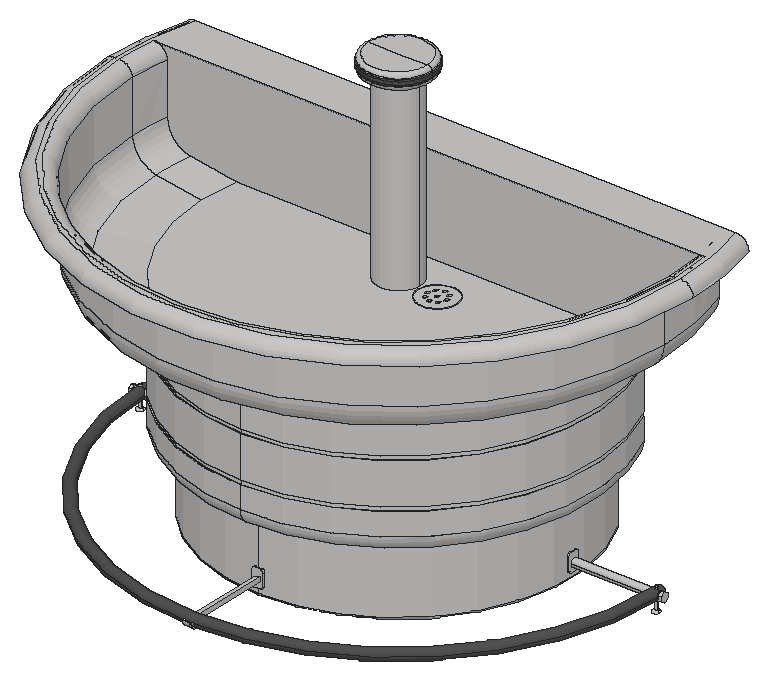
Revit family "Washfountain_Lavatory-Bradley_Corp-WF2704-Type_O_Drain", category Plumbing Fixtures, Revit 2012
Parameters
  Width = 54.000"
  Warranty Information = ""
  WFU = 0
  Voltage = 110 V
  Version = "2.0"
  URL = "http://www.bradleycorp.com/"
  Towel Dispenser Holder [instance] = if((Soap Dispenser), 4.875", 13.375")  # 13.375"
  Towel Dispenser Height [instance] = if((Sensor Module), 54.250", 50.750")  # 50.750"
  TouchTime® Control [instance] = no
  Technical Data = "n/a"
  Vent Height [instance] = if(and(Sensor Module, Soap Dispenser, Towel Dispenser), 70.563", if(and(Sensor Module, Soap Dispenser, No Towel Dispenser), 49.375", if(and(Sensor Module, No Soap Dispenser, No Towel Dispenser), 40.875", if(and(Sensor Module, No Soap Dispenser, Towel Dispenser), 70.563", if(and(No Sensor Module, No Soap Dispenser, No Towel Dispenser), 37.375", if(and(No Sensor Module, No Soap Dispenser, Towel Dispenser), 67.063", if(and(No Sensor Module, Soap Dispenser, No Towel Dispenser), 45.875", 67.063")))))))  # 37.375"
  Spray Head Height = 37.375"
  Specifications URL = "http://www.bradleycorp.com/3partspec"
  Soap Dispenser Holder [instance] = 2.500"  # constant formula
  Soap Dispenser Height [instance] = if((Sensor Module), 49.375", 45.875")  # 45.875"
  Sensor Module Height = 40.875"
  Sensor Module [instance] = not(Foot Control Valve)  # no
  Rim Height = 28.000"
  Product Tech Data URL - Spanish = ""
  Product Tech Data URL - French = ""
  Product Tech Data URL - English = "http://bradleycorp.com/download/2241/2017.pdf"
  Pedestal Material = Metal - Bradley Corp - Stainless Steel - Satin
  Pedestal Height = 19.000"
  Operating Water Pressure Range = "20 - 80 PSI"
  OmniClass Table 23 Title = "Sinks/Lavatories"
  OmniClass Table 23 Number = "23-31 13 00"
  OmniClass Table 21 Title = "Plumbing Fixtures"
  OmniClass Table 21 Number = "21-04 20 10 60"
  No Towel Dispenser [instance] = not(Towel Dispenser)  # yes
  No Soap Dispenser [instance] = not(Soap Dispenser)  # yes
  No Sensor Module [instance] = not(Sensor Module)  # yes
  Modeling Code = ""
  Model = "WF2704"
  Material Note = ""
  MasterFormat Title = "Commercial Lavatories and Sinks"
  MasterFormat Number = "22 42 16"
  Manufacturer = "Bradley Corp"
  Industry Standards = "n/a"
  Hot Lavatory Inlet Radius = Hot Lavatory Inlet / 2  # 1/4"
  Hot Lavatory Inlet = 1/2"
  HWFU = 0
  Frequency = 50 Hz
  Foot Control Valve [instance] = not(or(TouchTime® Control, Air Valve Hand Control, Adaptive Infrared Activation Control))  # yes
  Flow Rate = 3.0 GPM
  Fire Rating = "n/a"
  Drain Secondary Radius = Drain Secondary / 2  # 1"
  Drain Secondary = 2"
  Drain Primary Radius = Drain Primary / 2  # 1"
  Drain Primary = 2"
  Drain Height [instance] = 11.625"
  Description = "Washfountain, 54\" Semi Circular with 9\" Deep Bowl"
  Copyright = "This Model Data is Property of Bradley Corporation"
  Cold Lavatory Inlet Radius = Cold Lavatory Inlet / 2  # 1/4"
  Cold Lavatory Inlet = 1/2"
  CWFU = 0
  Buy American Act = "No"
  Button Visibility [instance] = or(TouchTime® Control, Air Valve Hand Control)  # no
  Bowl Material [instance] = Metal - Bradley Corp - Stainless Steel - Polished
  Assembly Code = "D2010300"
  Air Valve Hand Control [instance] = no
  Adaptive Infrared Activation Control [instance] = no
  ADA Compliant = "Yes"
  Soap Dispenser [instance] = no
  Towel Dispenser [instance] = no
Reference planes (in)
  plane 1 "Center (Front/Back)": y = 0
  plane 2: z = 0
  plane 3 "Center (Left/Right)": x = 0
  plane 4 "Left": x = -27
  plane 5 "Right": x = 27
  plane 6 "Towel Dispenser": z = 50.75
  plane 7 "Soap Dispenser": z = 45.875
  plane 8 "Sensor Module": z = 40.875
  plane 9 "Spray Head": z = 37.375
  plane 10 "Rim Height": z = 28
  plane 11 "Pedestal Height": z = 19
  plane 12: y = -7.6967
  plane 13: z = 39.875
  plane 14 "Front": y = -34.71749
Forms (in)
  Sweep 1, solid, material "Metal - Bradley Corp - Stainless Steel - Polished" <- "Bowl Material", detail levels medium+fine
    path in 3D
      loop
        arc (27, -7.75, 28) -> (0, 19.25, 28) -> (-27, -7.75, 28) r 27
        arc (-27, -7.75, 28) -> (0, -34.75, 28) -> (27, -7.75, 28) r 27
    profile origin (0, -34.75, 28) x (0, 1, 0) y (0, 0, 1)
      loop
        line (25.0533, -8.88) -> (9.04121, -8.88) -> (4.87331, -8.2735)
        arc (4.87331, -8.2735) -> (3.35689, -7.45153) -> (2.7337, -5.84318) r 2.5
        line (2.7337, -5.84318) -> (2.69252, -1.125)
        arc (2.69252, -1.125) -> (2.36302, -0.3295) -> (1.56752, 0.00011) r 1.125
        line (1.56752, 0.00011) -> (1.15752, 0)
        arc (1.15752, 0) -> (0.36203, -0.3295) -> (0.03252, -1.125) r 1.125
        line (0.03252, -1.125) -> (0.15252, -1.125)
        arc (0.15252, -1.125) -> (0.44688, -0.41436) -> (1.15752, -0.11989) r 1.005
        line (1.15752, -0.11989) -> (1.56752, -0.12025)
        arc (1.56752, -0.12025) -> (2.27817, -0.41461) -> (2.57252, -1.12525) r 1.005
        line (2.57252, -1.12525) -> (2.61371, -5.84475)
        arc (2.61371, -5.84475) -> (3.26665, -7.53063) -> (4.85603, -8.39225) r 2.62
        line (4.85603, -8.39225) -> (9.03252, -9) -> (25.0533, -9) -> (25.0533, -8.88)
  Extrusion 2, void
    sketch origin (0, 0, 28) x (-1, 0, 0) y (0, -1, 0)
      loop
        line (27, -20) -> (27, 0) -> (-27, 0) -> (-27, -20) -> (27, -20)
    from -28 to 9.375
  Sweep 3, solid, material "Metal - Bradley Corp - Stainless Steel - Polished" <- "Bowl Material", detail levels coarse
    path in 3D
      loop
        arc (27, -7.75, 28) -> (0, 19.25, 28) -> (-27, -7.75, 28) r 27
        arc (-27, -7.75, 28) -> (0, -34.75, 28) -> (27, -7.75, 28) r 27
    profile origin (0, -34.75, 28) x (0, 1, 0) y (0, 0, 1)
      loop
        line (0.03243, 0) -> (0.03243, -1.12495) -> (0.15256, -1.12495) -> (0.15256, -0.12) -> (2.57762, -0.12) -> (2.57762, -9) -> (25.0533, -9) -> (25.0533, -8.88) -> (2.69762, -8.88) -> (2.69762, 0) -> (0.03243, 0)
  Revolve 4, solid, material "Metal - Bradley Corp - Stainless Steel - Satin" <- "Pedestal Material", detail levels medium+fine
    sketch origin (0, 0, 0) x (0, 1, 0) y (0, 0, 1)
      loop
        line (-25.69045, 10.34788) -> (-25.61122, 10.34788) -> (-25.61122, 9.97288) -> (-25.69045, 9.97288) -> (-25.69045, 7.88979)
        arc (-25.69045, 7.88979) -> (-25.24205, 6.80727) -> (-24.15954, 6.35887) r 1.53091
        line (-24.15954, 6.35887) -> (-7.6967, 6.35887) -> (-7.6967, 19) -> (-25.69045, 19) -> (-25.69045, 14.53538) -> (-25.60652, 14.53538) -> (-25.60652, 14.16038) -> (-25.69045, 14.16038) -> (-25.69045, 10.34788)
      axis (-7.6967, 19) -> (-7.6967, 6.35887)
    angle from 0 to 360
  Revolve 5, solid, material "Metal - Bradley Corp - Stainless Steel - Satin" <- "Pedestal Material", detail levels coarse
    sketch origin (0, 0, 0) x (0, 1, 0) y (0, 0, 1)
      loop
        line (-25.69045, 19) -> (-25.69045, 6.35887) -> (-7.6967, 6.35887) -> (-7.6967, 19) -> (-25.69045, 19)
      axis (-7.6967, 19) -> (-7.6967, 6.35887)
    angle from 0 to 360
  Revolve 6, solid, material "Metal - Bradley Corp - Stainless Steel - Satin"
    sketch origin (0, 0, 0) x (0, 1, 0) y (0, 0, 1)
      loop
        arc (-23.6285, 0.1416) -> (-23.58703, 0.04147) -> (-23.4869, 0) r 0.1416
        line (-23.4869, 0) -> (-7.6967, 0) -> (-7.6967, 6.35887) -> (-23.41449, 6.35887) -> (-23.41449, 6.04595) -> (-23.6285, 6.04595) -> (-23.6285, 0.1416)
      axis (-7.6967, 6.35887) -> (-7.6967, 0)
    angle from 0 to 360
  Revolve 7, solid, material "Metal - Bradley Corp - Stainless Steel - Satin", detail levels medium+fine
    sketch origin (-3, -7.6967, 37.375) x (1, 0, 0) y (0, 0, 1)
      loop
        arc (0.31013, 0) -> (0.06618, -0.10105) -> (-0.03487, -0.345) r 0.345
        line (-0.03487, -0.345) -> (-0.03487, -0.44471)
        arc (-0.03487, -0.44471) -> (-0.09873, -0.47343) -> (-0.12487, -0.53838) r 0.09375
        line (-0.12487, -0.53838) -> (-0.12487, -0.85088)
        arc (-0.12487, -0.85088) -> (-0.09873, -0.91583) -> (-0.03487, -0.94456) r 0.09375
        line (-0.03487, -0.94456) -> (-0.03487, -1.04463)
        arc (-0.03487, -1.04463) -> (0.06618, -1.28859) -> (0.31013, -1.38963) r 0.345
        line (0.31013, -1.38963) -> (1.00013, -1.38963) -> (1.00013, -18.375) -> (3, -18.375) -> (3, 0) -> (0.31013, 0)
      axis (3, 0) -> (3, -18.375)
    angle from 0 to 360
  Revolve 8, solid, material "Metal - Bradley Corp - Stainless Steel - Satin", detail levels coarse
    sketch origin (-3, -7.6967, 37.375) x (1, 0, 0) y (0, 0, 1)
      loop
        line (-0.12487, -0.44471) -> (-0.12487, -0.94456) -> (0.31085, -1.38963) -> (1.00013, -1.38963) -> (1.00013, -18.375) -> (3, -18.375) -> (3, 0.00012) -> (0.31013, 0.00012) -> (-0.12487, -0.44471)
      axis (3, 0.00012) -> (3, -18.375)
    angle from 0 to 360
  Revolve 9, solid, material "Metal - Bradley Corp - Stainless Steel - Satin", visible <- "Sensor Module", detail levels fine
    sketch origin (-3, -7.6967, 40.875) x (1, 0, 0) y (0, 0, 1)
      loop
        arc (-1.45317, -0.20636) -> (-1.54025, -0.24993) -> (-1.57537, -0.34075) r 0.135
        line (-1.57537, -0.34075) -> (-1.57537, -0.56538) -> (-1.49987, -0.56538) -> (-1.49987, -1.98683)
        arc (-1.49987, -1.98683) -> (-1.48077, -2.08267) -> (-1.42639, -2.16387) r 0.25
        line (-1.42639, -2.16387) -> (-0.82283, -2.76742)
        arc (-0.82283, -2.76742) -> (-0.74182, -2.82142) -> (-0.64632, -2.84038) r 0.25
        line (-0.64632, -2.84038) -> (1.00013, -2.84038) -> (1.00013, -3.5) -> (3, -3.5) -> (3, 0) -> (0.90513, 0) -> (-1.45612, -0.2063)
      axis (3, 0) -> (3, -3.5)
    angle from 0 to 360
  Revolve 10, solid, material "Metal - Bradley Corp - Stainless Steel - Satin", visible <- "Sensor Module", detail levels coarse+medium
    sketch origin (-3, -7.6967, 40.875) x (1, 0, 0) y (0, 0, 1)
      loop
        line (-1.57537, -2.01488) -> (-0.74987, -2.84038) -> (1.00013, -2.84038) -> (1.00013, -3.5) -> (3, -3.5) -> (3, 0) -> (-1.57537, 0) -> (-1.57537, -2.01488)
      axis (3, 0) -> (3, -3.5)
    angle from 0 to 360
  Revolve 11, solid, material "Metal - Bradley Corp - Stainless Steel - Satin", visible <- "Soap Dispenser", detail levels fine
    sketch origin (-3, -7.6967, 45.875) x (1, 0, 0) y (0, 0, 1)
      loop
        line (-3.01408, -1.64235) -> (-2.98301, -1.64235) -> (-2.98301, -2.89235) -> (-2.93039, -2.89235) -> (-2.93039, -4.14235) -> (-2.87777, -4.14235) -> (-2.87777, -5.39235) -> (-2.81, -5.39235) -> (-2.81, -6) -> (3, -6) -> (3, 0) -> (-1.15684, 0)
        arc (-1.15684, 0) -> (-2.16098, -0.12055) -> (-3.13971, -0.37529) r 7.48917
        line (-3.13971, -0.37529) -> (-3.13971, -1.00047) -> (-3.01408, -1.00047) -> (-3.01408, -1.64235)
      axis (3, 0) -> (3, -6)
    angle from 360 to 180
  Revolve 12, solid, material "Metal - Bradley Corp - Stainless Steel - Satin", visible <- "Soap Dispenser", detail levels coarse+medium
    sketch origin (-3, -7.6967, 45.875) x (1, 0, 0) y (0, 0, 1)
      loop
        line (-3.13971, -1.00047) -> (-2.81, -6) -> (3, -6) -> (3, -1.00047) -> (-3.13971, -1.00047)
      axis (3, -1.00047) -> (3, -6)
    angle from 360 to 180
  Extrusion 13, solid, material "Metal - Bradley Corp - Stainless Steel - Satin", visible <- "Soap Dispenser", detail levels fine
    sketch origin (-3, -7.6967, 45.875) x (1, 0, 0) y (0, 0, 1)
      loop
        line (-3.01408, -1.64235) -> (-2.98301, -1.64235) -> (-2.98301, -2.89235) -> (-2.93039, -2.89235) -> (-2.93039, -4.14235) -> (-2.87777, -4.14235) -> (-2.87777, -5.39235) -> (-2.81, -5.39235) -> (-2.81, -6) -> (8.81, -6) -> (8.81, -5.39235) -> (8.87777, -5.39235) -> (8.87777, -4.14235) -> (8.93039, -4.14235) -> (8.93039, -2.89235) -> (8.98301, -2.89235) -> (8.98301, -1.64235) -> (9.01408, -1.64235) -> (9.01408, -1.00047) -> (9.13971, -1.00047) -> (9.13971, -0.37529)
        arc (9.13971, -0.37529) -> (8.16098, -0.12055) -> (7.15684, 0) r 7.48917
        line (7.15684, 0) -> (-1.15684, 0)
        arc (-1.15684, 0) -> (-2.16098, -0.12055) -> (-3.13971, -0.37529) r 7.48917
        line (-3.13971, -0.37529) -> (-3.13971, -1.00047) -> (-3.01408, -1.00047) -> (-3.01408, -1.64235)
    from 0 to -2.25
  Extrusion 14, solid, material "Metal - Bradley Corp - Stainless Steel - Satin", visible <- "Soap Dispenser", detail levels coarse+medium
    sketch origin (-3, -7.6967, 45.875) x (1, 0, 0) y (0, 0, 1)
      loop
        line (-3.13971, -1.00047) -> (-2.81, -6) -> (8.81, -6) -> (9.13971, -1.00047) -> (-3.13971, -1.00047)
    from 0 to -2.25
  Extrusion 15, solid, material "Metal - Bradley Corp - Stainless Steel - Satin", visible <- "Towel Dispenser"
    sketch origin (0, 0, 50.75) x (-1, 0, 0) y (0, -1, 0)
      loop
        line (0.06458, 14.08484) -> (-0.06458, 14.08484) -> (-5.56458, 4.55856) -> (-5.5, 4.4467) -> (5.5, 4.4467) -> (5.56458, 4.55856) -> (0.06458, 14.08484)
      loop
        circle (0, 7.6967) r 2
    from 14.62567 to 14.12567
  Extrusion 16, solid, material "Metal - Bradley Corp - Stainless Steel - Satin", visible <- "Towel Dispenser"
    sketch origin (-0.06458, -14.08484, 50.75) x (0, 0, 1) y (-0.866025, -0.5, 0)
      loop
        line (0, 0) -> (15.313, 0) -> (14.62567, 4) -> (1.37502, 4) -> (0, 1.75) -> (0, 0)
    from 0 to -11
  Extrusion 17, solid, material "Metal - Bradley Corp - Stainless Steel - Satin", visible <- "Towel Dispenser"
    sketch origin (5.56458, -4.55856, 50.75) x (0, 0, 1) y (0.866025, -0.5, 0)
      loop
        line (0, 0) -> (15.313, 0) -> (14.62567, 4) -> (1.37502, 4) -> (0, 1.75) -> (0, 0)
    from 0 to -11
  Extrusion 18, solid, material "Metal - Bradley Corp - Stainless Steel - Satin", visible <- "Towel Dispenser"
    sketch origin (0, 0, 50.75) x (-1, 0, 0) y (0, -1, 0)
      loop
        line (0.06458, 14.08484) -> (-0.06458, 14.08484) -> (-5.56458, 4.55856) -> (-5.5, 4.4467) -> (5.5, 4.4467) -> (5.56458, 4.55856) -> (0.06458, 14.08484)
      loop
        circle (0, 7.6967) r 2
    from 1.0786 to 1.5786
  Extrusion 19, solid, material "Metal - Bradley Corp - Stainless Steel - Satin", visible <- "Towel Dispenser"
    sketch origin (0, 0, 50.75) x (-1, 0, 0) y (0, -1, 0)
      loop
        circle (0, 7.6967) r 2
    from -13.375 to 16.313
  Extrusion 20, solid, material "Metal - Bradley Corp - Stainless Steel - Satin", visible <- "Soap Dispenser"
    sketch origin (0, 0, 45.875) x (-1, 0, 0) y (0, -1, 0)
      loop
        circle (0, 7.6967) r 2
    from -6 to -8.5
  Extrusion 21, solid, material "Metal - Bradley Corp - Stainless Steel - Polished", detail levels medium+fine
    sketch origin (0, -0.5533, 28) x (-1, 0, 0) y (0, -1, 0)
      loop
        circle (-4, 7.6967) r 1.75
      loop
        circle (-4, 7.6967) r 0.1842
      loop
        circle (-4, 6.81899) r 0.1842
      loop
        circle (-3.12229, 7.6967) r 0.1842
      loop
        circle (-4, 8.57441) r 0.1842
      loop
        circle (-4.87771, 7.6967) r 0.1842
      loop
        circle (-4.62063, 7.07606) r 0.1842
      loop
        circle (-3.37937, 7.07606) r 0.1842
      loop
        circle (-3.37937, 8.31733) r 0.1842
      loop
        circle (-4.62063, 8.31733) r 0.1842
    from -8.94796 to -8.88
  Extrusion 22, void
    sketch origin (0, -0.5533, 28) x (-1, 0, 0) y (0, -1, 0)
      loop
        circle (-4, 7.6967) r 1.75
    from -9 to -5.94946
  Sweep 23, solid, material "Plastic - Bradley Corp - Black", visible <- "Foot Control Valve"
    path in 3D
      loop
        line (24.00846, -7.1967, 0) -> (24.00846, -7.6967, 0)
        arc (24.00846, -7.6967, 0) -> (0, -31.70516, 0) -> (-24.00846, -7.6967, 0) r 24.00846
        line (-24.00846, -7.6967, 0) -> (-24.00846, -7.1967, 0)
    profile origin (-24.00846, -7.4467, 0) x (-1, 0, 0) y (0, 0, 1)
      loop
        circle (-0.5, 1.42499) r 0.49941
  Extrusion 24, solid, material "Metal - Bradley Corp - Stainless Steel - Satin", visible <- "Foot Control Valve", detail levels medium+fine
    sketch origin (0, 0, 0) x (0, 1, 0) y (0, 0, 1)
      loop
        line (-7.37851, 1.63949) -> (-7.75001, 1.85397) -> (-8.12151, 1.63949) -> (-8.12151, 1.21051) -> (-7.75001, 0.99603) -> (-7.37851, 1.21051) -> (-7.37851, 1.63949)
    from -24.32813 to -24.01563
  Extrusion 25, solid, material "Metal - Bradley Corp - Stainless Steel - Satin", visible <- "Foot Control Valve", detail levels medium+fine
    sketch origin (0, 0, 0) x (0, 1, 0) y (0, 0, 1)
      loop
        line (-7.75001, 1.85397) -> (-8.12151, 1.63948) -> (-8.12151, 1.21051) -> (-7.75001, 0.99603) -> (-7.37851, 1.21051) -> (-7.37851, 1.63949) -> (-7.75001, 1.85397)
    from 24.37923 to 24.04349
  Extrusion 26, solid, material "Metal - Bradley Corp - Stainless Steel - Satin", visible <- "Foot Control Valve", detail levels fine
    sketch origin (0, 0, 0) x (1, 0, 0) y (0, 1, 0)
      loop
        circle (-23.57813, -7.6967) r 0.12
      loop
        circle (23.57813, -7.6967) r 0.12
    from 0.1445 to 1.99999
  Blend 27, solid, material "Metal - Bradley Corp - Stainless Steel - Satin", visible <- "Foot Control Valve", detail levels fine
    base sketch origin (0, 0, 0) x (1, 0, 0) y (0, 1, 0)
      loop
        circle (-23.57813, -7.6967) r 0.12
    top sketch origin (0, 0, 0) x (1, 0, 0) y (0, 1, 0)
      loop
        circle (-23.57813, -7.6967) r 0.327
    from 0.1445 to 0
  Blend 28, solid, material "Metal - Bradley Corp - Stainless Steel - Satin", visible <- "Foot Control Valve", detail levels fine
    base sketch origin (0, 0, 0) x (1, 0, 0) y (0, 1, 0)
      loop
        circle (23.57813, -7.6967) r 0.12
    top sketch origin (0, 0, 0) x (1, 0, 0) y (0, 1, 0)
      loop
        circle (23.57813, -7.6967) r 0.327
    from 0.1445 to 0
  Extrusion 29, solid, material "Metal - Bradley Corp - Stainless Steel - Satin", visible <- "Foot Control Valve"
    sketch origin (0, 0, 0) x (0, 1, 0) y (0, 0, 1)
      loop
        line (-7.25001, 0.921) -> (-7.25001, 2.046)
        arc (-7.25001, 2.046) -> (-7.32323, 2.22278) -> (-7.50001, 2.296) r 0.25
        line (-7.50001, 2.296) -> (-8.00001, 2.296)
        arc (-8.00001, 2.296) -> (-8.17679, 2.22278) -> (-8.25001, 2.046) r 0.25
        line (-8.25001, 2.046) -> (-8.25001, 0.921)
        arc (-8.25001, 0.921) -> (-8.17679, 0.74422) -> (-8.00001, 0.671) r 0.25
        line (-8.00001, 0.671) -> (-7.50001, 0.671)
        arc (-7.50001, 0.671) -> (-7.32323, 0.74422) -> (-7.25001, 0.921) r 0.25
    from -16.06305 to -15.93805
  Extrusion 30, solid, material "Metal - Bradley Corp - Stainless Steel - Satin", visible <- "Foot Control Valve"
    sketch origin (0, 0, 0) x (0, 1, 0) y (0, 0, 1)
      loop
        line (-7.50001, 2.296) -> (-8.00001, 2.296)
        arc (-8.00001, 2.296) -> (-8.17679, 2.22278) -> (-8.25001, 2.046) r 0.25
        line (-8.25001, 2.046) -> (-8.25001, 0.921)
        arc (-8.25001, 0.921) -> (-8.17679, 0.74422) -> (-8.00001, 0.671) r 0.25
        line (-8.00001, 0.671) -> (-7.50001, 0.671)
        arc (-7.50001, 0.671) -> (-7.32323, 0.74422) -> (-7.25001, 0.921) r 0.25
        line (-7.25001, 0.921) -> (-7.25001, 2.046)
        arc (-7.25001, 2.046) -> (-7.32323, 2.22278) -> (-7.50001, 2.296) r 0.25
    from 15.93601 to 16.06263
  Extrusion 31, solid, material "Metal - Bradley Corp - Stainless Steel - Satin", visible <- "Foot Control Valve", detail levels fine
    sketch origin (0, 0, 0) x (0, 1, 0) y (0, 0, 1)
      loop
        arc (-31.70479, 1.42499) -> (-31.75479, 1.47499) -> (-31.80479, 1.42499) r 0.05
        arc (-31.80479, 1.42499) -> (-31.10392, 0.83423) -> (-30.64032, 1.62499) r 0.59941
        line (-30.64032, 1.62499) -> (-30.74777, 1.62499)
        arc (-30.74777, 1.62499) -> (-31.10322, 0.93614) -> (-31.70479, 1.42499) r 0.49941
    from -0.40046 to 0.4
  Extrusion 32, solid, material "Metal - Bradley Corp - Stainless Steel - Satin", visible <- "Foot Control Valve", detail levels fine
    sketch origin (0, 0, 0) x (0, 1, 0) y (0, 0, 1)
      loop
        arc (-30.64032, 1.62499) -> (-30.60597, 1.42499) -> (-30.64032, 1.22499) r 0.59941
        line (-30.64032, 1.22499) -> (-23.7663, 1.22499) -> (-23.7663, 1.62499) -> (-30.64032, 1.62499)
    from -0.2 to 0.2
  Extrusion 33, solid, material "Default", not visible, detail levels fine
    sketch origin (0, 0, 0) x (1, 0, 0) y (0, 1, 0)
      loop
        circle (4, -8.25) r 1
    from 0 to 3
  Extrusion 34, solid, material "Default", not visible, detail levels fine
    sketch origin (0, 0, 0) x (1, 0, 0) y (0, 1, 0)
      loop
        circle (-0.875, -7) r 0.25
      loop
        circle (0.875, -7) r 0.25
    from 0 to 37.375
  Extrusion 35, solid, material "Default", not visible, detail levels fine
    sketch origin (-3, -7.6967, 45.875) x (1, 0, 0) y (0, 0, 1)
      loop
        line (-0.5, -35.232) -> (-1.5, -35.232) -> (-1.5, -37.232) -> (-0.5, -37.232) -> (-0.5, -35.232)
    from -7.6967 to -5.1967
  Extrusion 36, solid, material "Metal - Bradley Corp - Stainless Steel - Satin", visible <- "Foot Control Valve"
    sketch origin (0, 0, 0) x (0, 1, 0) y (0, 0, 1)
      loop
        circle (-7.75001, 1.425) r 0.36122
    from -24.01563 to -16.06305
  Extrusion 37, solid, material "Metal - Bradley Corp - Stainless Steel - Satin", visible <- "Foot Control Valve"
    sketch origin (0, 0, 0) x (0, 1, 0) y (0, 0, 1)
      loop
        circle (-7.75001, 1.42499) r 0.36122
    from 16.06263 to 24.04349
  Extrusion 38, solid, material "Metal - Bradley Corp - Stainless Steel - Satin", visible <- "Foot Control Valve", detail levels fine
    sketch origin (0, 0, 0) x (1, 0, 0) y (0, 0, 1)
      loop
        line (-0.25, 0.671) -> (0.25, 0.671)
        arc (0.25, 0.671) -> (0.42678, 0.74422) -> (0.5, 0.921) r 0.25
        line (0.5, 0.921) -> (0.5, 2.046)
        arc (0.5, 2.046) -> (0.42678, 2.22278) -> (0.25, 2.296) r 0.25
        line (0.25, 2.296) -> (-0.25, 2.296)
        arc (-0.25, 2.296) -> (-0.42678, 2.22278) -> (-0.5, 2.046) r 0.25
        line (-0.5, 2.046) -> (-0.5, 0.921)
        arc (-0.5, 0.921) -> (-0.42678, 0.74422) -> (-0.25, 0.671) r 0.25
    from 23.6285 to 23.7663
  Revolve 39, solid, material "Plastic - Bradley Corp - Black", visible <- "Soap Dispenser", detail levels coarse+medium
    sketch origin (-3, -7.6967, 45.875) x (1, 0, 0) y (0, 0, 1)
      loop
        line (-3.20569, 0) -> (-3.13971, -1.00047) -> (3, -1.00047) -> (3, 0) -> (-3.20569, 0)
      axis (3, 0) -> (3, -1.00047)
    angle from 180 to 360
  Extrusion 40, solid, material "Plastic - Bradley Corp - Black", visible <- "Soap Dispenser", detail levels coarse+medium
    sketch origin (-3, -7.6967, 45.875) x (1, 0, 0) y (0, 0, 1)
      loop
        line (-3.20569, 0) -> (-3.13971, -1.00047) -> (9.13971, -1.00047) -> (9.20569, 0) -> (-3.20569, 0)
    from 0 to -2.25
  Extrusion 41, solid, material "Metal - Bradley Corp - Stainless Steel - Polished", visible <- "Button Visibility"
    sketch origin (-3, -7.6967, 40.875) x (1, 0, 0) y (0, 0, 1)
      loop
        circle (3, -1.29013) r 0.5
    from 4.57537 to 4.9755
  Extrusion 42, solid, material "Metal - Bradley Corp - Stainless Steel - Polished", visible <- "Button Visibility", detail levels fine
    sketch origin (-3, -7.6967, 40.875) x (1, 0, 0) y (0, 0, 1)
      loop
        circle (3, -1.29013) r 0.25
    from 4.5 to 4.57537
  Extrusion 43, solid, material "Metal - Bradley Corp - Stainless Steel - Polished" <- "Bowl Material", detail levels coarse
    sketch origin (0, 0, 28) x (-1, 0, 0) y (0, -1, 0)
      loop
        line (24.02952, 4.1185) -> (-24.02952, 4.1185)
        arc (-24.02952, 4.1185) -> (-23.62146, 2.0375) -> (-23.03353, 0) r 24.30238
        line (-23.03353, 0) -> (23.03353, 0)
        arc (23.03353, 0) -> (23.62146, 2.0375) -> (24.02952, 4.1185) r 24.30238
    from -8.88 to 0
  Extrusion 44, solid, material "Metal - Bradley Corp - Stainless Steel - Polished" <- "Bowl Material", detail levels medium+fine
    sketch origin (0, 0, 28) x (-1, 0, 0) y (0, -1, 0)
      loop
        arc (24.41547, 0) -> (25.00013, 2.03749) -> (25.40596, 4.118) r 24.42748
        line (25.40596, 4.118) -> (-25.44441, 4.118)
        arc (-25.44441, 4.118) -> (-25.03859, 2.03749) -> (-24.45393, 0) r 24.42748
        line (-24.45393, 0) -> (24.41547, 0)
    from -8.88 to 0
  Sweep 45, void
    path in 3D
      loop
        arc (27, -7.75, 28) -> (0, 19.25, 28) -> (-27, -7.75, 28) r 27
        arc (-27, -7.75, 28) -> (0, -34.75, 28) -> (27, -7.75, 28) r 27
    profile origin (0, -34.75, 28) x (0, 1, 0) y (0, 0, 1)
      loop
        line (9.05955, -9) -> (9.05955, -8.9433) -> (4.86467, -8.33287)
        arc (4.86467, -8.33287) -> (3.31177, -7.49108) -> (2.6737, -5.84397) r 2.56
        line (2.6737, -5.84397) -> (2.63252, -1.12499)
        arc (2.63252, -1.12499) -> (2.3205, -0.37209) -> (1.56752, -0.05989) r 1.065
        line (1.56752, -0.05989) -> (1.15752, -0.06)
        arc (1.15752, -0.06) -> (0.40445, -0.37193) -> (0.09252, -1.125) r 1.065
        line (0.09252, -1.125) -> (0, -1.125) -> (0, -9) -> (9.05955, -9)
  Extrusion 46, solid, material "Default", not visible, detail levels medium+fine
    sketch origin (0, 0, 0) x (1, 0, 0) y (0, 0, 1)
      loop
        circle (4, 11.625) r 1
    from 0 to 2.99973
Cuts and joins
  Extrusion 2, Extrusion 22 cuts Sweep 1
  Sweep 45 cuts Extrusion 44
  joined: Sweep 1, Extrusion 44
  Extrusion 2, Extrusion 22 cuts Sweep 3
  joined: Sweep 3, Extrusion 43
  Extrusion 2 cuts Revolve 4
  Extrusion 2 cuts Revolve 5
  Extrusion 2 cuts Revolve 6
  joined: Revolve 11, Extrusion 13
  joined: Revolve 12, Extrusion 14
  joined: Extrusion 36, Extrusion 37
  joined: Revolve 39, Extrusion 40
Lines and regions (in)
  Masking region 1, detail levels medium+fine
    outline origin (-3, -7.6967, 37.375) x (1, 0, 0) y (0, 0, 1)
      loop
        arc (0.31013, 0) -> (0.06618, -0.10105) -> (-0.03487, -0.345) r 0.345
        line (-0.03487, -0.345) -> (-0.03487, -0.44471)
        arc (-0.03487, -0.44471) -> (-0.09873, -0.47343) -> (-0.12487, -0.53838) r 0.09375
        line (-0.12487, -0.53838) -> (-0.12487, -0.85088)
        arc (-0.12487, -0.85088) -> (-0.09873, -0.91583) -> (-0.03487, -0.94456) r 0.09375
        line (-0.03487, -0.94456) -> (-0.03487, -1.04463)
        arc (-0.03487, -1.04463) -> (0.06618, -1.28859) -> (0.31013, -1.38963) r 0.345
        line (0.31013, -1.38963) -> (1.00013, -1.38963) -> (1.00013, -9.375) -> (5.00013, -9.375) -> (5.00013, -1.38963) -> (5.68987, -1.38963)
        arc (5.68987, -1.38963) -> (5.93382, -1.28859) -> (6.03487, -1.04463) r 0.345
        line (6.03487, -1.04463) -> (6.03487, -0.94456)
        arc (6.03487, -0.94456) -> (6.09873, -0.91583) -> (6.12487, -0.85088) r 0.09375
        line (6.12487, -0.85088) -> (6.12487, -0.53838)
        arc (6.12487, -0.53838) -> (6.09873, -0.47343) -> (6.03487, -0.44471) r 0.09375
        line (6.03487, -0.44471) -> (6.03487, -0.34463)
        arc (6.03487, -0.34463) -> (5.93382, -0.10105) -> (5.68987, 0) r 0.345
        line (5.68987, 0) -> (0.31013, 0)
  Masking region 2, detail levels coarse
    outline origin (-3, -7.6967, 37.375) x (1, 0, 0) y (0, 0, 1)
      loop
        line (-0.12487, -0.44471) -> (-0.12487, -0.94456) -> (0.31085, -1.38963) -> (1.00013, -1.38963) -> (1.00013, -9.375) -> (5.00013, -9.375) -> (5.00013, -1.38963) -> (5.68915, -1.38963) -> (6.12487, -0.94456) -> (6.12487, -0.44471) -> (5.68999, 0) -> (0.31001, 0) -> (-0.12487, -0.44471)
  Masking region 3, visible <- "Sensor Module", detail levels coarse+medium
    outline origin (-3, -7.6967, 40.875) x (1, 0, 0) y (0, 0, 1)
      loop
        line (-1.57537, 0) -> (-1.57537, -2.01488) -> (-0.74987, -2.84038) -> (1.00013, -2.84038) -> (1.00013, -3.5) -> (4.99987, -3.5) -> (4.99987, -2.84038) -> (6.74987, -2.84038) -> (7.57537, -2.01488) -> (7.57537, 0) -> (-1.57537, 0)
  Masking region 4, visible <- "Sensor Module", detail levels fine
    outline origin (-3, -7.6967, 40.875) x (1, 0, 0) y (0, 0, 1)
      loop
        arc (-1.45317, -0.20636) -> (-1.54025, -0.24993) -> (-1.57537, -0.34075) r 0.135
        line (-1.57537, -0.34075) -> (-1.57537, -0.56538) -> (-1.49987, -0.56538) -> (-1.49987, -1.98683)
        arc (-1.49987, -1.98683) -> (-1.48077, -2.08267) -> (-1.42639, -2.16387) r 0.25
        line (-1.42639, -2.16387) -> (-0.82283, -2.76742)
        arc (-0.82283, -2.76742) -> (-0.74182, -2.82142) -> (-0.64632, -2.84038) r 0.25
        line (-0.64632, -2.84038) -> (1.00013, -2.84038) -> (1.00013, -3.5) -> (4.99987, -3.5) -> (4.99987, -2.84038) -> (6.64632, -2.84038)
        arc (6.64632, -2.84038) -> (6.74182, -2.82142) -> (6.82283, -2.76742) r 0.25
        line (6.82283, -2.76742) -> (7.42639, -2.16387)
        arc (7.42639, -2.16387) -> (7.48077, -2.08267) -> (7.49987, -1.98683) r 0.25
        line (7.49987, -1.98683) -> (7.49987, -0.56538) -> (7.57537, -0.56538) -> (7.57537, -0.34075)
        arc (7.57537, -0.34075) -> (7.54025, -0.24993) -> (7.45317, -0.20636) r 0.135
      loop
        line (7.45612, -0.2063) -> (5.09487, 0) -> (0.90513, 0) -> (-1.45612, -0.2063)
  Masking region 5, visible <- "Soap Dispenser", detail levels coarse+medium
    outline origin (-3, -7.6967, 45.875) x (1, 0, 0) y (0, 0, 1)
      loop
        line (-3.20569, 0) -> (-2.81, -6) -> (8.81, -6) -> (9.20569, 0) -> (-3.20569, 0)
  Masking region 6, visible <- "Soap Dispenser", detail levels fine
    outline origin (-3, -7.6967, 45.875) x (1, 0, 0) y (0, 0, 1)
      loop
        line (-3.01408, -1.64235) -> (-2.98301, -1.64235) -> (-2.98301, -2.89235) -> (-2.93039, -2.89235) -> (-2.93039, -4.14235) -> (-2.87777, -4.14235) -> (-2.87777, -5.39235) -> (-2.81, -5.39235) -> (-2.81, -6) -> (8.81, -6) -> (8.81, -5.39235) -> (8.87777, -5.39235) -> (8.87777, -4.14235) -> (8.93039, -4.14235) -> (8.93039, -2.89235) -> (8.98301, -2.89235) -> (8.98301, -1.64235) -> (9.01408, -1.64235) -> (9.01408, -1.00047) -> (9.13971, -1.00047) -> (9.13971, -0.37529)
        arc (9.13971, -0.37529) -> (8.16098, -0.12055) -> (7.15684, 0) r 7.48917
        line (7.15684, 0) -> (-1.15684, 0)
        arc (-1.15684, 0) -> (-2.16098, -0.12055) -> (-3.13971, -0.37529) r 7.48917
        line (-3.13971, -0.37529) -> (-3.13971, -1.00047) -> (-3.01408, -1.00047) -> (-3.01408, -1.64235)
  Masking region 7, visible <- "Soap Dispenser", detail levels fine
    outline origin (0, -4.6967, 45.875) x (0, -1, 0) y (0, 0, 1)
      loop
        line (9.01313, -1.64235) -> (9.01313, -1.00047) -> (9.13876, -1.00047) -> (9.13876, -0.37529)
        arc (9.13876, -0.37529) -> (8.16002, -0.12055) -> (7.15589, 0) r 7.48917
        line (7.15589, 0) -> (0.75, 0) -> (0.75, -6) -> (8.80905, -6) -> (8.80905, -5.39235) -> (8.87682, -5.39235) -> (8.87682, -4.14235) -> (8.92944, -4.14235) -> (8.92944, -2.89235) -> (8.98206, -2.89235) -> (8.98206, -1.64235) -> (9.01313, -1.64235)
  Masking region 8, visible <- "Soap Dispenser", detail levels coarse+medium
    outline origin (0, -4.6967, 45.875) x (0, -1, 0) y (0, 0, 1)
      loop
        line (0.75, 0) -> (0.75, -6) -> (8.80905, -6) -> (9.20569, 0) -> (0.75, 0)
  Masking region 9, visible <- "Sensor Module", detail levels coarse+medium
    outline origin (0, -4.6967, 40.875) x (0, -1, 0) y (0, 0, 1)
      loop
        line (-1.57537, 0) -> (-1.57537, -2.01488) -> (-0.74987, -2.84038) -> (1, -2.84038) -> (1, -3.5) -> (4.99987, -3.5) -> (4.99987, -2.84038) -> (6.74987, -2.84038) -> (7.57537, -2.01488) -> (7.57537, 0) -> (-1.57537, 0)
  Masking region 10, visible <- "Sensor Module", detail levels fine
    outline origin (0, -4.6967, 40.875) x (0, -1, 0) y (0, 0, 1)
      loop
        arc (-1.4533, -0.20636) -> (-1.54038, -0.24993) -> (-1.5755, -0.34075) r 0.135
        line (-1.5755, -0.34075) -> (-1.5755, -0.56538) -> (-1.5, -0.56538) -> (-1.5, -1.98683)
        arc (-1.5, -1.98683) -> (-1.4809, -2.08267) -> (-1.42651, -2.16387) r 0.25
        line (-1.42651, -2.16387) -> (-0.82296, -2.76742)
        arc (-0.82296, -2.76742) -> (-0.74195, -2.82142) -> (-0.64645, -2.84038) r 0.25
        line (-0.64645, -2.84038) -> (1, -2.84038) -> (1, -3.5) -> (4.99987, -3.5) -> (4.99987, -2.84038) -> (6.64645, -2.84038)
        arc (6.64645, -2.84038) -> (6.74195, -2.82142) -> (6.82296, -2.76742) r 0.25
        line (6.82296, -2.76742) -> (7.42651, -2.16387)
        arc (7.42651, -2.16387) -> (7.4809, -2.08267) -> (7.5, -1.98683) r 0.25
        line (7.5, -1.98683) -> (7.5, -0.56538) -> (7.5755, -0.56538) -> (7.5755, -0.34075)
        arc (7.5755, -0.34075) -> (7.54038, -0.24993) -> (7.4533, -0.20636) r 0.135
      loop
        line (7.45625, -0.2063) -> (5.095, 0) -> (0.905, 0) -> (-1.45625, -0.2063)
  Masking region 11, detail levels coarse+medium
    outline origin (0, 0, 0) x (0, 1, 0) y (0, 0, 1)
      loop
        line (-10.82157, 36.93029) -> (-10.82157, 36.43044) -> (-10.38585, 35.98537) -> (-9.6967, 35.98537) -> (-9.6967, 28) -> (-5.6967, 28) -> (-5.6967, 35.98537) -> (-5.00754, 35.98537) -> (-4.57183, 36.43044) -> (-4.57183, 36.93029) -> (-5.0067, 37.375) -> (-10.38669, 37.375) -> (-10.82157, 36.93029)
  Masking region 12, detail levels fine
    outline origin (0, -4.6967, 37.375) x (0, -1, 0) y (0, 0, 1)
      loop
        arc (0.31013, 0) -> (0.06618, -0.10105) -> (-0.03487, -0.345) r 0.345
        line (-0.03487, -0.345) -> (-0.03487, -0.44471)
        arc (-0.03487, -0.44471) -> (-0.09873, -0.47343) -> (-0.12487, -0.53838) r 0.09375
        line (-0.12487, -0.53838) -> (-0.12487, -0.85088)
        arc (-0.12487, -0.85088) -> (-0.09873, -0.91583) -> (-0.03487, -0.94456) r 0.09375
        line (-0.03487, -0.94456) -> (-0.03487, -1.04463)
        arc (-0.03487, -1.04463) -> (0.06618, -1.28859) -> (0.31013, -1.38963) r 0.345
        line (0.31013, -1.38963) -> (1.00013, -1.38963) -> (1.00013, -9.375) -> (5, -9.375) -> (5, -1.38963) -> (5.69029, -1.38963)
        arc (5.69029, -1.38963) -> (5.93424, -1.28859) -> (6.03529, -1.04463) r 0.345
        line (6.03529, -1.04463) -> (6.03487, -0.94456)
        arc (6.03487, -0.94456) -> (6.09873, -0.91583) -> (6.12487, -0.85088) r 0.09375
        line (6.12487, -0.85088) -> (6.12487, -0.53838)
        arc (6.12487, -0.53838) -> (6.09873, -0.47343) -> (6.03487, -0.44471) r 0.09375
        line (6.03487, -0.44471) -> (6.03487, -0.34463)
        arc (6.03487, -0.34463) -> (5.93382, -0.10105) -> (5.68987, 0) r 0.345
        line (5.68987, 0) -> (0.31013, 0)
  Masking region 13, detail levels medium+fine
    outline origin (0, 0, 0) x (1, 0, 0) y (0, 0, 1)
      loop
        line (25.875, 28.00019) -> (-25.875, 28.00019)
        arc (-25.875, 28.00019) -> (-26.6705, 27.6705) -> (-27, 26.875) r 1.125
        line (-27, 26.875) -> (-24.46, 26.875) -> (-24.41882, 22.15525)
        arc (-24.41882, 22.15525) -> (-23.76587, 20.46937) -> (-22.17649, 19.60775) r 2.62
        line (-22.17649, 19.60775) -> (-18, 19) -> (18.00076, 19) -> (22.17649, 19.60764)
        arc (22.17649, 19.60764) -> (23.76587, 20.46926) -> (24.41882, 22.15514) r 2.62
        line (24.41882, 22.15514) -> (24.46, 26.87489) -> (27, 26.87489)
        arc (27, 26.87489) -> (26.6705, 27.67039) -> (25.875, 28.00019) r 1.125
  Masking region 14, detail levels coarse
    outline origin (0, 0, 0) x (1, 0, 0) y (0, 0, 1)
      loop
        line (-27, 26.87505) -> (-24.42238, 26.87505) -> (-24.42238, 19) -> (24.42238, 19) -> (24.42238, 26.87505) -> (27, 26.87505) -> (27, 28) -> (-27, 28) -> (-27, 26.87505)
  Masking region 15, detail levels medium+fine
    outline origin (-3, -7.6967, 45.875) x (1, 0, 0) y (0, 0, 1)
      loop
        line (20.99796, -35.57813) -> (20.99796, -31.76563) -> (20.91403, -31.76563) -> (20.91403, -31.39063) -> (20.99796, -31.39063) -> (20.99796, -26.875) -> (-15, -26.875) -> (-15, -31.39063) -> (-14.91607, -31.39063) -> (-14.91607, -31.76563) -> (-15, -31.76563) -> (-15, -35.57813) -> (-14.92077, -35.57813) -> (-14.92077, -35.95313) -> (-15, -35.95313) -> (-15, -37.98521)
        arc (-15, -37.98521) -> (-14.55161, -39.06773) -> (-13.46909, -39.51613) r 1.53091
        line (-13.46909, -39.51613) -> (-12.72404, -39.51613) -> (-12.72404, -39.82905) -> (-12.93805, -39.82905) -> (-12.93805, -45.74212)
        arc (-12.93805, -45.74212) -> (-12.89061, -45.84471) -> (-12.78172, -45.875) r 0.13464
        line (-12.78172, -45.875) -> (18.77968, -45.875)
        arc (18.77968, -45.875) -> (18.88857, -45.84471) -> (18.93601, -45.74212) r 0.13464
        line (18.93601, -45.74212) -> (18.93601, -39.82905) -> (18.722, -39.82905) -> (18.722, -39.51613) -> (19.46705, -39.51613)
        arc (19.46705, -39.51613) -> (20.54956, -39.06773) -> (20.99796, -37.98521) r 1.53091
        line (20.99796, -37.98521) -> (20.99796, -35.95313) -> (20.91873, -35.95313) -> (20.91873, -35.57813) -> (20.99796, -35.57813)
  Masking region 16, detail levels coarse
    outline origin (-3, -7.6967, 45.875) x (1, 0, 0) y (0, 0, 1)
      loop
        line (-15, -39.51613) -> (-12.93805, -39.51613) -> (-12.93805, -45.875) -> (18.93763, -45.875) -> (18.93763, -39.51612) -> (21, -39.51612) -> (21, -26.875) -> (-15, -26.875) -> (-15, -39.51613)
  Masking region 17, detail levels medium+fine
    outline origin (0, 0, 0) x (0, 1, 0) y (0, 0, 1)
      loop
        line (0, 19) -> (0, 28) -> (-33.59249, 28)
        arc (-33.59249, 28) -> (-34.38798, 27.6705) -> (-34.71749, 26.875) r 1.125
        line (-34.71749, 26.875) -> (-32.17749, 26.875) -> (-32.1363, 22.15525)
        arc (-32.1363, 22.15525) -> (-31.48336, 20.46937) -> (-29.89398, 19.60775) r 2.62
        line (-29.89398, 19.60775) -> (-25.71749, 19) -> (0, 19)
  Masking region 18, detail levels coarse
    outline origin (0, 0, 0) x (0, 1, 0) y (0, 0, 1)
      loop
        line (0, 28) -> (-34.71748, 28) -> (-34.71748, 26.875) -> (-32.17238, 26.875) -> (-32.17238, 19) -> (0, 19) -> (0, 28)
  Masking region 19, detail levels coarse
    outline origin (0, 0, 0) x (0, 1, 0) y (0, 0, 1)
      loop
        line (-25.69045, 19) -> (-25.69045, 6.35888) -> (-23.6285, 6.35888) -> (-23.6285, 0) -> (0, 0) -> (0, 19) -> (-25.69045, 19)
  Masking region 20, detail levels medium+fine
    outline origin (0, 0, 0) x (0, 1, 0) y (0, 0, 1)
      loop
        line (-25.69045, 10.29687) -> (-25.61122, 10.29687) -> (-25.61122, 9.92187) -> (-25.69045, 9.92187) -> (-25.69045, 7.88979)
        arc (-25.69045, 7.88979) -> (-25.24205, 6.80727) -> (-24.15954, 6.35887) r 1.53091
        line (-24.15954, 6.35887) -> (-23.41449, 6.35887) -> (-23.41449, 6.04595) -> (-23.6285, 6.04595) -> (-23.6285, 0.14849)
        arc (-23.6285, 0.14849) -> (-23.58797, 0.04378) -> (-23.48458, 0) r 0.144
        line (-23.48458, 0) -> (0, 0) -> (0, 19) -> (-25.69045, 19) -> (-25.69045, 14.48437) -> (-25.60652, 14.48437) -> (-25.60652, 14.10937) -> (-25.69045, 14.10937) -> (-25.69045, 10.29687)
  Split face 1
    outline origin (-1.58013, -14.95984, 50.75) x (-0.73896, -0.426639, 0.521456) y (-0.5, 0.866025, 0)
      loop
        line (2.06845, 1.5) -> (2.06845, 9.5)
        arc (2.06845, 9.5) -> (1.31845, 10.25) -> (0.56845, 9.5) r 0.75
        line (0.56845, 9.5) -> (0.56845, 1.5)
        arc (0.56845, 1.5) -> (1.31845, 0.75) -> (2.06845, 1.5) r 0.75
  Split face 2
    outline origin (7.08013, -5.43356, 50.75) x (0.73896, -0.426639, 0.521456) y (-0.5, -0.866025, 0)
      loop
        arc (2.06845, 9.5) -> (1.31845, 10.25) -> (0.56845, 9.5) r 0.75
        line (0.56845, 9.5) -> (0.56845, 1.5)
        arc (0.56845, 1.5) -> (1.31845, 0.75) -> (2.06845, 1.5) r 0.75
        line (2.06845, 1.5) -> (2.06845, 9.5)
  Masking region 21, visible <- "Towel Dispenser"
    outline origin (-3, -7.6967, 45.875) x (1, 0, 0) y (0, 0, 1)
      loop
        line (1, 4.875) -> (1, -8.5) -> (5.00013, -8.5) -> (5.00013, 4.875) -> (1, 4.875)
  Masking region 22, visible <- "Soap Dispenser"
    outline origin (-3, -7.6967, 45.875) x (1, 0, 0) y (0, 0, 1)
      loop
        line (1, -6) -> (1, -8.5) -> (5.00013, -8.5) -> (5.00013, -6) -> (1, -6)
  Masking region 23, visible <- "Soap Dispenser"
    outline origin (0, 0, 0) x (0, 1, 0) y (0, 0, 1)
      loop
        line (-5.6967, 37.375) -> (-5.6967, 39.875) -> (-9.6967, 39.875) -> (-9.6967, 37.375) -> (-5.6967, 37.375)
  Masking region 24, visible <- "Towel Dispenser"
    outline origin (0, 0, 0) x (0, 1, 0) y (0, 0, 1)
      loop
        line (-5.6967, 50.75) -> (-9.6967, 50.75) -> (-9.6967, 37.375) -> (-5.6967, 37.375) -> (-5.6967, 50.75)
  Masking region 25, visible <- "Towel Dispenser"
    outline origin (0, -4.6967, 50.75) x (0, -1, 0) y (0, 0, 1)
      loop
        line (-4.25, 14.62567) -> (-4.25, 1.37502) -> (-2, 0) -> (10.26314, 0) -> (11.38814, 1.37502) -> (11.38814, 14.62567) -> (9.38814, 15.313) -> (5, 15.313) -> (5, 16.313) -> (1, 16.313) -> (1, 15.313) -> (-0.25, 15.313) -> (-4.25, 14.62567)
  Masking region 26, visible <- "Towel Dispenser"
    outline origin (-3, -7.6967, 50.75) x (1, 0, 0) y (0, 0, 1)
      loop
        line (-6.02868, 14.62567) -> (-6.02868, 1.37502) -> (-4.08013, 0) -> (1, 0) -> (5.00013, 0) -> (10.08013, 0) -> (12.02868, 1.37502) -> (12.02868, 14.62567) -> (8.56458, 15.313) -> (5, 15.313) -> (5, 16.313) -> (1, 16.313) -> (1, 15.313) -> (-2.56458, 15.313) -> (-6.02868, 14.62567)
  Masking region 27, visible <- "Foot Control Valve"
    outline origin (1.5, -36.21749, 0) x (-1, 0, 0) y (0, 0, 1)
      loop
        line (25.00846, 1.9244) -> (-22.00846, 1.9244)
        arc (-22.00846, 1.9244) -> (-22.50787, 1.42499) -> (-22.00846, 0.92558) r 0.49941
        line (-22.00846, 0.92558) -> (1.1, 0.92558) -> (1.90046, 0.92558) -> (25.00846, 0.92558)
        arc (25.00846, 0.92558) -> (25.50787, 1.42499) -> (25.00846, 1.9244) r 0.49941
  Masking region 28, visible <- "Foot Control Valve", detail levels fine
    outline origin (0, 0, 0) x (1, 0, 0) y (0, 0, 1)
      loop
        line (-16.06305, 2.296) -> (-16.06305, 0.671) -> (-15.93805, 0.671) -> (-15.93805, 2.296) -> (-16.06305, 2.296)
      loop
        line (-23.45813, 1.92186) -> (-23.45813, 1.99999) -> (-23.69813, 1.99999) -> (-23.69813, 1.88698)
        arc (-23.69813, 1.88698) -> (-23.58028, 1.91921) -> (-23.45813, 1.92186) r 0.49941
      loop
        line (-24.01563, 1.7965) -> (-24.01563, 1.85397) -> (-24.32813, 1.85397) -> (-24.32813, 0.99603) -> (-24.01563, 0.99603) -> (-24.01563, 1.0535) -> (-23.84223, 1.0535)
        arc (-23.84223, 1.0535) -> (-24.00787, 1.425) -> (-23.84221, 1.7965) r 0.49941
        line (-23.84221, 1.7965) -> (-24.01563, 1.7965)
      loop
        line (-23.45813, 0.1445) -> (-23.45813, 0.92813)
        arc (-23.45813, 0.92813) -> (-23.58028, 0.93078) -> (-23.69813, 0.963) r 0.49941
        line (-23.69813, 0.963) -> (-23.69813, 0.1445) -> (-23.90513, 0) -> (-23.25113, 0) -> (-23.45813, 0.1445)
      loop
        line (16.06263, 2.296) -> (15.93763, 2.296) -> (15.93763, 0.671) -> (16.06263, 0.671) -> (16.06263, 2.296)
      loop
        arc (23.45813, 1.92186) -> (23.58028, 1.91921) -> (23.69813, 1.88698) r 0.49941
        line (23.69813, 1.88698) -> (23.69813, 1.99999) -> (23.45813, 1.99999) -> (23.45813, 1.92186)
      loop
        line (24.04349, 1.85397) -> (24.04349, 1.79649) -> (23.84222, 1.79649)
        arc (23.84222, 1.79649) -> (24.00787, 1.42499) -> (23.84222, 1.05349) r 0.49941
        line (23.84222, 1.05349) -> (24.04349, 1.05349) -> (24.04349, 0.99603) -> (24.37923, 0.99603) -> (24.37923, 1.85397) -> (24.04349, 1.85397)
      loop
        arc (23.69813, 0.963) -> (23.58028, 0.93078) -> (23.45813, 0.92813) r 0.49941
        line (23.45813, 0.92813) -> (23.45813, 0.1445) -> (23.25113, 0) -> (23.90513, 0) -> (23.69813, 0.1445) -> (23.69813, 0.963)
  Masking region 29, visible <- "Foot Control Valve"
    outline origin (0, 0, 0) x (0, 1, 0) y (0, 0, 1)
      loop
        line (-7.1967, 1.9244) -> (-31.20538, 1.9244)
        arc (-31.20538, 1.9244) -> (-31.70479, 1.42499) -> (-31.20538, 0.92558) r 0.49941
        line (-31.20538, 0.92558) -> (-7.1967, 0.92558) -> (-7.1967, 1.9244)
  Masking region 30, visible <- "Foot Control Valve", detail levels fine
    outline origin (0, 0, 0) x (0, 1, 0) y (0, 0, 1)
      loop
        line (-7.75001, 1.85397) -> (-8.12151, 1.63948) -> (-8.12151, 1.21051) -> (-7.75001, 0.99603) -> (-7.37851, 1.21051) -> (-7.37851, 1.63949) -> (-7.75001, 1.85397)
      loop
        line (-7.5767, 0.671) -> (-7.50111, 0.671)
        arc (-7.50111, 0.671) -> (-7.32224, 0.74577) -> (-7.24977, 0.92558) r 0.25136
        line (-7.24977, 0.92558) -> (-8.25018, 0.92558)
        arc (-8.25018, 0.92558) -> (-8.17772, 0.74577) -> (-7.99885, 0.671) r 0.25136
        line (-7.99885, 0.671) -> (-7.8167, 0.671) -> (-7.8167, 0.1445) -> (-8.02306, 0) -> (-7.37033, 0) -> (-7.5767, 0.1445) -> (-7.5767, 0.671)
      loop
        arc (-31.70479, 1.42499) -> (-31.75479, 1.47499) -> (-31.80479, 1.42499) r 0.05
        arc (-31.80479, 1.42499) -> (-31.48875, 0.89679) -> (-30.8739, 0.92558) r 0.59941
        line (-30.8739, 0.92558) -> (-31.20538, 0.92558)
        arc (-31.20538, 0.92558) -> (-31.55851, 1.07186) -> (-31.70479, 1.42499) r 0.49941
      loop
        arc (-7.25001, 2.046) -> (-7.32323, 2.22278) -> (-7.50001, 2.296) r 0.25
        line (-7.50001, 2.296) -> (-8.00001, 2.296)
        arc (-8.00001, 2.296) -> (-8.17679, 2.22278) -> (-8.25001, 2.046) r 0.25
        line (-8.25001, 2.046) -> (-8.25001, 1.9244) -> (-7.25001, 1.9244) -> (-7.25001, 2.046)
      loop
        line (-23.6285, 2.296) -> (-23.7663, 2.296) -> (-23.7663, 1.9244) -> (-23.6285, 1.9244) -> (-23.6285, 2.296)
      loop
        line (-23.7663, 0.671) -> (-23.6285, 0.671) -> (-23.6285, 0.92558) -> (-23.7663, 0.92558) -> (-23.7663, 0.671)
  Masking region 31, visible <- "Foot Control Valve", detail levels fine
    outline origin (1.5, -36.21749, 0) x (-1, 0, 0) y (0, 0, 1)
      loop
        line (1.90046, 1.47499) -> (1.1, 1.47499) -> (1.1, 0.92558) -> (0.9999, 0.92558)
        arc (0.9999, 0.92558) -> (1.07328, 0.74841) -> (1.25046, 0.67502) r 0.25056
        line (1.25046, 0.67502) -> (1.74917, 0.67502)
        arc (1.74917, 0.67502) -> (1.92672, 0.74857) -> (2.00026, 0.92611) r 0.25108
        line (2.00026, 0.92611) -> (1.90046, 0.92611) -> (1.90046, 1.47499)
      loop
        line (2, 1.9244) -> (2, 2.046)
        arc (2, 2.046) -> (1.92678, 2.22278) -> (1.75, 2.296) r 0.25
        line (1.75, 2.296) -> (1.25, 2.296)
        arc (1.25, 2.296) -> (1.07322, 2.22278) -> (1, 2.046) r 0.25
        line (1, 2.046) -> (1, 1.9244) -> (2, 1.9244)
  Masking region 32
    outline origin (0, 0, 28) x (-1, 0, 0) y (0, -1, 0)
      loop
        arc (25.86383, 0) -> (0, 34.75) -> (-25.86383, 0) r 27
        line (-25.86383, 0) -> (25.86383, 0)
  Masking region 33, visible <- "Towel Dispenser"
    outline origin (0, 0, 50.75) x (-1, 0, 0) y (0, -1, 0)
      loop
        line (9.02868, 6.55856) -> (3.52868, 16.08484) -> (0.06458, 14.08484) -> (-0.06458, 14.08484) -> (-3.52868, 16.08484) -> (-9.02868, 6.55856) -> (-5.56458, 4.55856) -> (-5.5, 4.4467) -> (5.5, 4.4467) -> (5.56458, 4.55856) -> (9.02868, 6.55856)
  Masking region 34, visible <- "Soap Dispenser"
    outline origin (0, 0, 45.875) x (-1, 0, 0) y (0, -1, 0)
      loop
        line (6.20569, 5.4467) -> (6.20569, 7.6967)
        arc (6.20569, 7.6967) -> (0, 13.90239) -> (-6.20569, 7.6967) r 6.20569
        line (-6.20569, 7.6967) -> (-6.20569, 5.4467) -> (6.20569, 5.4467)
  Masking region 35, visible <- "Sensor Module"
    outline origin (0, 0, 40.875) x (-1, 0, 0) y (0, -1, 0)
      loop
        circle (0, 7.6967) r 4.57537
  Masking region 36
    outline origin (0, 0, 37.375) x (-1, 0, 0) y (0, -1, 0)
      loop
        circle (0, 7.6967) r 3.12487
  Split face 3
    outline origin (-6.01408, -5.4467, 44.23265) x (0, 0, 1) y (1, 0, 0)
      loop
        line (0.64189, 12.02816) -> (0.64189, 0)
  Masking region 37, visible <- "Button Visibility"
    outline origin (0, -4.6967, 40.875) x (0, -1, 0) y (0, 0, 1)
      loop
        line (7.9755, -0.79013) -> (7.57537, -0.79013) -> (7.57537, -1.79013) -> (7.9755, -1.79013) -> (7.9755, -0.79013)
  Masking region 38, visible <- "Button Visibility", detail levels fine
    outline origin (0, -4.6967, 40.875) x (0, -1, 0) y (0, 0, 1)
      loop
        line (7.5, -1.04013) -> (7.5, -1.54013) -> (7.57537, -1.54013) -> (7.57537, -1.04013) -> (7.5, -1.04013)
  reference lines
    curve 1: line (-3, 0, 28) -> (3, 0, 28)
    curve 2: line (0, 3, 28) -> (0, -3, 28)
    curve 3: line (-3, -7.6967, 37.375) -> (3, -7.6967, 37.375)
    curve 4: line (0, -4.6967, 37.375) -> (0, -10.6967, 37.375)
    curve 5: line (-3, -7.6967, 40.875) -> (3, -7.6967, 40.875)
    curve 6: line (0, -4.6967, 40.875) -> (0, -10.6967, 40.875)
    curve 7: line (-3, -7.6967, 45.875) -> (3, -7.6967, 45.875)
    curve 8: line (0, -4.6967, 45.875) -> (0, -10.6967, 45.875)
    curve 9: line (-3, -7.6967, 50.75) -> (3, -7.6967, 50.75)
    curve 10: line (0, -4.6967, 50.75) -> (0, -10.6967, 50.75)
    curve 11: line (0, 3, 19) -> (0, -3, 19)
    curve 12: line (-3, 0, 19) -> (3, 0, 19)
    curve 76: line (-5.56458, -4.55856, 50.75) -> (-0.06458, -14.08484, 50.75)
    curve 77: line (0.06458, -14.08484, 50.75) -> (5.56458, -4.55856, 50.75)
    curve 78: line (5.5, -4.4467, 50.75) -> (-5.5, -4.4467, 50.75)
    curve 122: line (-3, 0, 50.75) -> (3, 0, 50.75)
    curve 136: line (-3, -34.71749, 50.75) -> (3, -34.71749, 50.75)
    curve 163: line (1.5, -36.21749, 0) -> (-1.5, -36.21749, 0)
  model lines, not visible
    curve 13: circle (0, -7.75, 28) r 27 normal (0, 0, 1)
    curve 149: arc (-24.00846, -7.6967, 0) -> (0, -31.70516, 0) -> (24.00846, -7.6967, 0) r 24.00846
    curve 150: line (-24.00846, -7.6967, 0) -> (-24.00846, -7.1967, 0)
    curve 151: line (24.00846, -7.6967, 0) -> (24.00846, -7.1967, 0)
  sketch lines
    curve 14: circle (0, -7.75, 28) r 27 normal (0, 0, 1)
    curve 15: circle (0, -7.75, 28) r 27 normal (0, 0, 1)
    curve 152: line (-24.00846, -7.6967, 0) -> (-24.00846, -7.1967, 0)
    curve 153: arc (-24.00846, -7.6967, 0) -> (0, -31.70516, 0) -> (24.00846, -7.6967, 0) r 24.00846
    curve 154: line (24.00846, -7.6967, 0) -> (24.00846, -7.1967, 0)
    curve 193: circle (0, -7.75, 28) r 27 normal (0, 0, 1)
  symbolic lines, detail levels fine
    curve 16: line (0, 0, 14.48437) -> (0, -25.60652, 14.48437)
    curve 17: line (0, -25.60652, 14.10937) -> (0, 0, 14.10937)
    curve 19: line (0, -25.61122, 10.29687) -> (0, 0, 10.29687)
    curve 20: line (0, -25.61122, 9.92187) -> (0, 0, 9.92187)
    curve 23: line (0, -23.41449, 6.04595) -> (0, 0, 6.04595)
    curve 26: line (15.722, -34.71749, 6.04595) -> (-15.72404, -34.71749, 6.04595)
    curve 27: line (-17.92077, -34.71749, 9.92187) -> (17.91403, -34.71749, 9.92187)
    curve 29: line (-17.92077, -34.71749, 10.29687) -> (17.91403, -34.71749, 10.29687)
    curve 30: line (-17.92077, -34.71749, 14.10937) -> (17.91403, -34.71749, 14.10937)
    curve 32: line (-17.92077, -34.71749, 14.48437) -> (17.91403, -34.71749, 14.48437)
    curve 66: line (0, -34.71749, 0) -> (0, -34.71749, 6.04595)
    curve 67: circle (-2.035, -34.71749, 1.069) r 0.35 normal (0, -1, 0)
    curve 68: circle (-1.023, -34.71749, 5.076) r 0.35 normal (0, -1, 0)
    curve 69: circle (2.035, -34.71749, 1.069) r 0.35 normal (0, 1, 0)
    curve 70: circle (1.023, -34.71749, 5.076) r 0.35 normal (0, 1, 0)
    curve 71: line (0, -7.6967, 0) -> (0, -7.6967, 6.04595)
    curve 72: circle (0, -5.71484, 1.069) r 0.35 normal (1, 0, 0)
    curve 73: circle (0, -6.72684, 5.076) r 0.35 normal (1, 0, 0)
    curve 74: circle (0, -9.67855, 1.069) r 0.35 normal (-1, 0, 0)
    curve 75: circle (0, -8.66655, 5.076) r 0.35 normal (-1, 0, 0)
  symbolic lines, detail levels medium
    curve 18: line (0, 0, 14.31556) -> (0, -25.60652, 14.31556)
    curve 21: line (0, -25.61122, 10.13646) -> (0, 0, 10.13646)
    curve 28: line (17.91403, -34.71749, 10.10937) -> (-17.92077, -34.71749, 10.10937)
    curve 31: line (17.91403, -34.71749, 14.29688) -> (-17.92077, -34.71749, 14.29688)
    curve 35: line (-3.12487, -7.6967, 36.43044) -> (-3.03487, -7.6967, 36.43044)
    curve 37: line (3.03487, -7.6967, 36.43044) -> (3.12487, -7.6967, 36.43044)
    curve 38: line (3.12487, -7.6967, 36.93029) -> (3.03487, -7.6967, 36.93029)
    curve 40: line (-3.03487, -7.6967, 36.93029) -> (-3.12487, -7.6967, 36.93029)
    curve 51: line (0, -4.57183, 36.43044) -> (0, -4.66182, 36.43044)
    curve 53: line (0, -10.72407, 36.43044) -> (0, -10.82157, 36.43044)
    curve 54: line (0, -10.82157, 36.93029) -> (0, -10.73157, 36.93029)
    curve 56: line (0, -4.66182, 36.93029) -> (0, -4.57183, 36.93029)
  symbolic lines
    curve 22: line (0, -23.6285, 6.35887) -> (0, 0, 6.35887)
    curve 24: line (0, -32.1772, 26.87505) -> (0, 0, 26.87505)
    curve 25: line (-15.93805, -34.71749, 6.35887) -> (15.93763, -34.71749, 6.35887)
    curve 33: line (-24.51356, -34.71749, 26.87505) -> (24.51356, -34.71749, 26.87505)
    curve 34: line (-1.99987, -7.6967, 35.98537) -> (2.00013, -7.6967, 35.98537)
    curve 50: line (0, -5.6967, 35.98537) -> (0, -9.6967, 35.98537)
    curve 138: circle (4, -8.25, 28) r 1.75 normal (0, 0, 1)
    curve 164: arc (-23.13587, -7.75244, 28) -> (0, -30.88832, 28) -> (23.13587, -7.75244, 28) r 23.13587
    curve 177: line (-19.50005, -4.11784, 28) -> (19.50005, -4.11784, 28)
    curve 178: arc (-19.50005, -4.11784, 28) -> (-22.07053, -5.18232, 28) -> (-23.13587, -7.75244, 28) r 3.63583
    curve 179: arc (19.50005, -4.11784, 28) -> (22.07053, -5.18232, 28) -> (23.13587, -7.75244, 28) r 3.63583
  symbolic lines, detail levels medium+fine
    curve 36: line (-3.03487, -7.6967, 36.43044) -> (3.03487, -7.6967, 36.43044)
    curve 39: line (3.03487, -7.6967, 36.93029) -> (-3.03487, -7.6967, 36.93029)
    curve 52: line (0, -4.66182, 36.43044) -> (0, -10.72407, 36.43044)
    curve 55: line (0, -10.73157, 36.93029) -> (0, -4.66182, 36.93029)
    curve 139: circle (4, -8.25, 28) r 1.25 normal (0, 0, 1)
    curve 140: circle (4, -8.25, 28) r 0.1842 normal (0, 0, 1)
    curve 141: circle (3.12229, -8.25, 28) r 0.1842 normal (0, 0, 1)
    curve 142: circle (3.37937, -7.62937, 28) r 0.1842 normal (0, 0, 1)
    curve 143: circle (4, -7.37229, 28) r 0.1842 normal (0, 0, 1)
    curve 144: circle (4.62063, -7.62937, 28) r 0.1842 normal (0, 0, 1)
    curve 145: circle (4.87771, -8.25, 28) r 0.1842 normal (0, 0, 1)
    curve 146: circle (4.62063, -8.87063, 28) r 0.1842 normal (0, 0, 1)
    curve 147: circle (4, -9.12771, 28) r 0.1842 normal (0, 0, 1)
    curve 148: circle (3.37937, -8.87063, 28) r 0.1842 normal (0, 0, 1)
    curve 165: arc (-21.2101, -7.75, 28) -> (0.00612, -28.91477, 28) -> (21.22689, -7.75456, 28) r 21.21857
